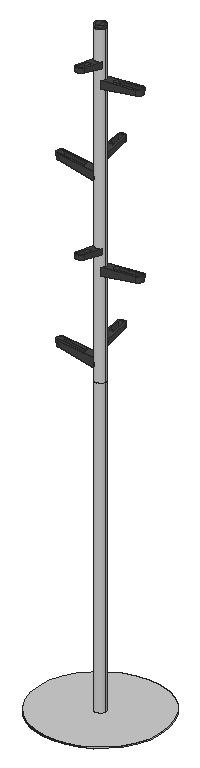
Revit family "Magnuson-Taiga-CoatTrees++++++++++", category Furniture, Revit 2020
Family settings
  OmniClass Number = 23.40.20.00
  OmniClass Title = General Furniture and Specialties
  Work Plane-Based = No
  Always vertical = Yes
  Cut with Voids When Loaded = No
  Shared = No
  Room Calculation Point = No
Parameters (values of type "TAIGA-01")
  Width = 13 3/4"
  URL = "https://magnusongroup.com"
  Type Comments = "Coat Tree"  # constant formula
  Salvage or Reuse = yes
  Revit Model Built By = "https://servex-us.com/servex-revit/"
  Product Documentation Link = "https://magnusongroup.com/products/coattrees/taiga.html"
  Post Finish = MAG - Aluminum Painted
  Percentage of Recycled Content = 0
  Model = "TAIGA-01"
  Manufacturer = "Magnuson Group"  # constant formula
  Low Emitting Material = yes
  Low Emitting Finish = yes
  Keynote = "12500"
  Hook Finish = MAG - Plastic Black
  Height = 69 3/4"
  Glides Finish = MAG - Plastic Black
  Description = "Coat tree with painted steel base, aluminum painted post and 8 plastic coat hooks. Can be used with Mirac-6 plastic hangers. 69 3/4” x 13 3/4” x round"
  Depth = 13 3/4"
  Default Elevation = 0"
  Base Finish = MAG - Steel Painted
  Assembly Code = "E2020200"
Reference planes (in)
  plane 1 "Center (Front/Back)": y = 0.01377
  plane 2: z = 0
  plane 3 "Center (Left/Right)": x = 0
Forms (in)
  Extrusion 1, solid, material "MAG - Steel Painted" <- "Base Finish"
    sketch origin (0, 0, 0) x (1, 0, 0) y (0, 1, 0)
      loop
        circle (0, 0.01377) r 6.86046
    from 0.11192 to 0.22963
  Extrusion 2, solid, material "MAG - Aluminum Painted" <- "Post Finish"
    sketch origin (0, 0, 0) x (1, 0, 0) y (0, 1, 0)
      loop
        circle (0, 0.01377) r 0.61026
    from 0.22963 to 33.64636
  Extrusion 3, solid, material "MAG - Aluminum Painted" <- "Post Finish"
    sketch origin (0, 0, 0) x (1, 0, 0) y (0, 1, 0)
      loop
        circle (0, 0.01377) r 0.61026
    from 33.64636 to 69.5
  Extrusion 4, solid, material "MAG - Plastic Black" <- "Glides Finish"
    sketch origin (0, 0, 0) x (1, 0, 0) y (0, 1, 0)
      loop
        circle (0, -6.24597) r 0.28125
    from 0 to 0.11192
  Extrusion 5, solid, material "MAG - Plastic Black" <- "Glides Finish"
    sketch origin (-0.01309, 0.00951, 0) x (0.309017, -0.951057, 0) y (0.951057, 0.309017, 0)
      loop
        circle (0, -6.24597) r 0.28125
    from 0 to 0.11192
  Extrusion 6, solid, material "MAG - Plastic Black" <- "Glides Finish"
    sketch origin (0.01309, 0.00951, 0) x (0.309017, 0.951057, 0) y (-0.951057, 0.309017, 0)
      loop
        circle (0, -6.24597) r 0.28125
    from 0 to 0.11192
  Extrusion 7, solid, material "MAG - Plastic Black" <- "Glides Finish"
    sketch origin (0.00809, 0.0249, 0) x (-0.809017, 0.587785, 0) y (-0.587785, -0.809017, 0)
      loop
        circle (0, -6.24597) r 0.28125
    from 0 to 0.11192
  Extrusion 8, solid, material "MAG - Plastic Black" <- "Glides Finish"
    sketch origin (-0.00809, 0.0249, 0) x (-0.809017, -0.587785, 0) y (0.587785, -0.809017, 0)
      loop
        circle (0, -6.24597) r 0.28125
    from 0 to 0.11192
  Revolve 9, solid, material "MAG - Plastic Black" <- "Hook Finish"
    sketch origin (0, 0, 0) x (0, 1, 0) y (0, 0, 1)
      loop
        line (0.01377, 69.5) -> (0.62403, 69.5) -> (0.62403, 69.66253)
        arc (0.62403, 69.66253) -> (0.59841, 69.72438) -> (0.53656, 69.75) r 0.08747
        line (0.53656, 69.75) -> (0.01377, 69.75) -> (0.01377, 69.5)
      axis (0.01377, 69.5) -> (0.01377, 69.75)
    angle from 0 to 360
Lines and regions (in)
  symbolic lines
    curve 1: circle (0, 0.01377, 0) r 0.62195 normal (0, 0, 1)
    curve 2: circle (0, 0.01377, 0) r 6.86046 normal (0, 0, 1)
Dimensions and locks (in)
  group 1 to group 2 = 11"
  group 1 to group 2 = 0"  (x2)
  aligned and locked: level to plane 2
  aligned and locked: Extrusion 2 to Extrusion 1
  aligned and locked: plane 3 "Center (Left/Right)" to nested 1
  aligned and locked: plane 1 "Center (Front/Back)" to nested 1
Nested families (in)
  nested 1: "Generic Model" at (0, 0.01377, 36.96875), type "Generic Model"
  nested 2: "Generic Model" at (0, 0.01377, 46.53125) x (-1, 0, 0) z (0, 0, 1), type "Generic Model"
  nested 3: "Generic Model" at (0, 0.01377, 44.40625) x (-1, 0, 0) z (0, 0, 1), type "Generic Model"
    with large yes, Small no
  nested 4: "Generic Model" at (0, 0.01377, 34.85938), type "Generic Model"
    with large yes, Small no
  nested 5: "Generic Model" at (0, 0.01377, 55.89578), type "Generic Model"
  nested 6: "Generic Model" at (0, 0.01377, 65.45782) x (-1, 0, 0) z (0, 0, 1), type "Generic Model"
  nested 7: "Generic Model" at (0, 0.01377, 53.78509), type "Generic Model"
    with large yes, Small no
  nested 8: "Generic Model" at (0, 0.01377, 63.33514) x (-1, 0, 0) z (0, 0, 1), type "Generic Model"
    with large yes, Small no
Definition of nested family "Generic Model"
  Parameters (values of type "Generic Model")
    large [instance] = no
    Small [instance] = yes
    Revit Model Built By = "https://servex-us.com/servex-revit/"
    Hook = none
    Default Elevation = 0"
  Reference planes (in)
    plane 1 "Center (Front/Back)": y = 0
    plane 2: z = 0
    plane 3 "Center (Left/Right)": x = 0
    plane 4: through (0, 3.35468, 0.84556) normal (0, -0.2588, 0.9659)
  Forms (in)
    Blend 1, solid, material <- "Hook", visible <- "Small"
      base sketch origin (0, 3.35468, 0.84556) x (0, 0.965926, 0.258819) y (-1, 0, 0)
        loop
          line (-0.50398, 0.49075) -> (-3.10326, 0.49075)
          arc (-3.10326, 0.49075) -> (-2.85409, 0) -> (-3.10326, -0.49075) r 0.60785
          line (-3.10326, -0.49075) -> (-0.50398, -0.49075)
          arc (-0.50398, -0.49075) -> (-0.01323, 0) -> (-0.50398, 0.49075) r 0.49075
      top sketch origin (0, 3.35468, 0.84556) x (0, 0.965926, 0.258819) y (-1, 0, 0)
        loop
          line (-0.30204, 0.49075) -> (-2.90014, 0.49075)
          arc (-2.90014, 0.49075) -> (-2.65096, 0) -> (-2.90014, -0.49075) r 0.60785
          line (-2.90014, -0.49075) -> (-0.30204, -0.49075)
          arc (-0.30204, -0.49075) -> (0.18871, 0) -> (-0.30204, 0.49075) r 0.49075
      from 0 to 0.65935
    Blend 2, void
      base sketch origin (0, 3.3419, 0.84214) x (0, 0.965926, 0.258819) y (-1, 0, 0)
        loop
          line (-0.5729, 0.29352) -> (-1.29146, 0.29352)
          arc (-1.29146, 0.29352) -> (-1.58499, 0) -> (-1.29146, -0.29352) r 0.29352
          line (-1.29146, -0.29352) -> (-0.5729, -0.29352)
          arc (-0.5729, -0.29352) -> (-0.27937, 0) -> (-0.5729, 0.29352) r 0.29352
      top sketch origin (0, 3.3419, 0.84214) x (0, 0.965926, 0.258819) y (-1, 0, 0)
        loop
          line (-0.27321, 0.29352) -> (-1.41365, 0.29352)
          arc (-1.41365, 0.29352) -> (-1.70717, 0) -> (-1.41365, -0.29352) r 0.29352
          line (-1.41365, -0.29352) -> (-0.27321, -0.29352)
          arc (-0.27321, -0.29352) -> (0.02032, 0) -> (-0.27321, 0.29352) r 0.29352
      from 0 to 0.65935
    Extrusion 3, void
      sketch origin (0, 0, 0) x (0, 1, 0) y (0, 0, 1)
        loop
          line (3.5885, 1.28049) -> (3.5885, 1.70743) -> (0.3385, 1.70743) -> (0.3385, 0.70743) -> (3.5885, 1.28049)
      from -0.96198 to 1.21682
    Blend 4, solid, material <- "Hook", visible <- "large"
      base sketch origin (-3.40517, 0, 0.61781) x (-0.984808, 0, 0.173649) y (0, -1, 0)
        loop
          line (0.96477, 0.49075) -> (-3.10326, 0.49075)
          arc (-3.10326, 0.49075) -> (-2.85409, 0) -> (-3.10326, -0.49075) r 0.60785
          line (-3.10326, -0.49075) -> (0.96477, -0.49075)
          arc (0.96477, -0.49075) -> (1.45552, 0) -> (0.96477, 0.49075) r 0.49075
      top sketch origin (-3.40517, 0, 0.61781) x (-0.984808, 0, 0.173649) y (0, -1, 0)
        loop
          line (1.22921, 0.49075) -> (-2.90014, 0.49075)
          arc (-2.90014, 0.49075) -> (-2.65096, 0) -> (-2.90014, -0.49075) r 0.60785
          line (-2.90014, -0.49075) -> (1.22921, -0.49075)
          arc (1.22921, -0.49075) -> (1.71996, 0) -> (1.22921, 0.49075) r 0.49075
      from 0 to 1.02055
    Blend 5, void
      base sketch origin (-3.39214, 0, 0.61551) x (-0.984808, 0, 0.173649) y (0, -1, 0)
        loop
          line (0.8646, 0.29352) -> (-1.29146, 0.29352)
          arc (-1.29146, 0.29352) -> (-1.58499, 0) -> (-1.29146, -0.29352) r 0.29352
          line (-1.29146, -0.29352) -> (0.8646, -0.29352)
          arc (0.8646, -0.29352) -> (1.15813, 0) -> (0.8646, 0.29352) r 0.29352
      top sketch origin (-3.39214, 0, 0.61551) x (-0.984808, 0, 0.173649) y (0, -1, 0)
        loop
          line (1.25804, 0.29352) -> (-1.41365, 0.29352)
          arc (-1.41365, 0.29352) -> (-1.70717, 0) -> (-1.41365, -0.29352) r 0.29352
          line (-1.41365, -0.29352) -> (1.25804, -0.29352)
          arc (1.25804, -0.29352) -> (1.55157, 0) -> (1.25804, 0.29352) r 0.29352
      from 0 to 0.91145
    Extrusion 6, void
      sketch origin (0, 0, 0) x (-1, 0, 0) y (0, 0, 1)
        loop
          line (0.3385, 1.02159) -> (5.62456, 1.48406) -> (5.62456, 1.96458) -> (0.3385, 1.96458) -> (0.3385, 1.02159)
      from -0.96198 to 1.21682
  Cuts and joins
    Blend 2, Extrusion 3, Blend 5, Extrusion 6 cuts Blend 1
    Blend 5, Extrusion 6 cuts Blend 4
  Lines and regions (in)
    symbolic lines, visible <- "large"
      curve 1: line (-0.49075, 0.49075, 0) -> (-4.40213, 0.49075, 0)
      curve 2: arc (-4.40213, 0.49075, 0) -> (-4.89338, -0.00049, 0) -> (-4.40213, -0.49174, 0) r 0.49124
      curve 3: line (-4.40213, -0.49174, 0) -> (-0.40215, -0.49174, 0)
      curve 4: line (-1.9597, -0.29301, 0) -> (-4.24361, -0.29301, 0)
      curve 5: arc (-4.24361, -0.29301, 0) -> (-4.53688, 0.00026, 0) -> (-4.24361, 0.29352, 0) r 0.29327
      curve 6: line (-4.24361, 0.29352, 0) -> (-1.9597, 0.29352, 0)
      curve 7: arc (-1.9597, -0.29301, 0) -> (-1.66643, 0.00026, 0) -> (-1.9597, 0.29352, 0) r 0.29327
    symbolic lines, visible <- "Small"
      curve 8: line (-0.49075, 0.49075, 0) -> (-0.49075, 2.86787, 0)
      curve 9: arc (-0.49075, 2.86787, 0) -> (0, 3.35862, 0) -> (0.49075, 2.86787, 0) r 0.49075
      curve 10: line (0.49075, 2.86787, 0) -> (0.49075, 0.38209, 0)
      curve 11: line (-0.29462, 2.84674, 0) -> (-0.29462, 1.93426, 0)
      curve 12: line (0.29462, 2.84674, 0) -> (0.29462, 1.93426, 0)
      curve 13: arc (0.29462, 2.84674, 0) -> (0, 3.14135, 0) -> (-0.29462, 2.84674, 0) r 0.29462
      curve 14: arc (-0.29462, 1.93426, 0) -> (0, 1.63964, 0) -> (0.29462, 1.93426, 0) r 0.29462
  Dimensions and locks (in)
    aligned and locked: plane 2 to level
